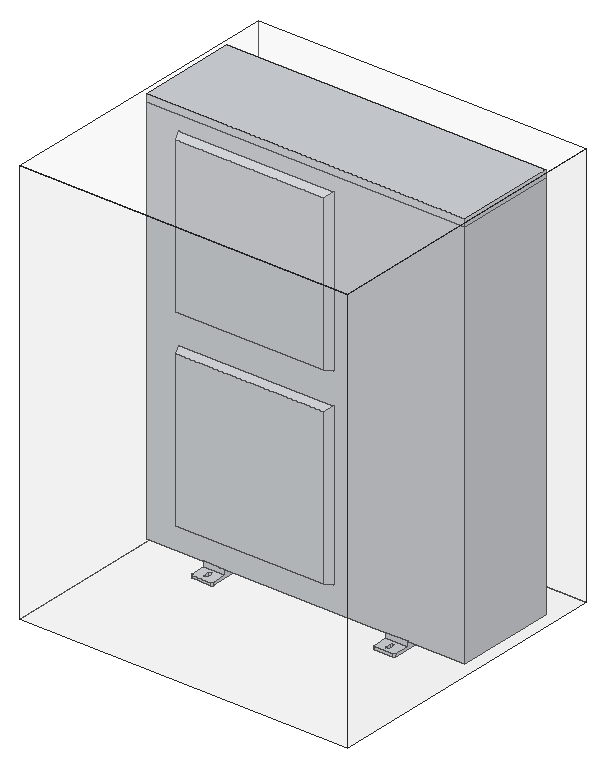
Revit family "puz-dhrmp80_140ka_60Hz", category 機械設備, Revit 2019
Family settings
  丸型コネクタ寸法 = 直径を使用
  パーツ タイプ = 標準
  OmniClass 番号 = 23.75.10.24.21.27.27
  OmniClass タイトル = Split System Air Conditioning Units
  作業面ベース = いいえ
  常に垂直 = はい
  ロード時にボイドで切り取り = いいえ
  共有 = いいえ
  部屋計算ポイント = いいえ
Parameters (values of type "PUZ-DHRMP140KA")
  音響パワーレベル（冷）(dB) = 68
  音響パワーレベル(dB) = 69
  電源種別 = ""
  電源位置Y = 2 mm
  電源位置Z = 1063 mm
  電源位置X = 325 mm
  電圧 = 200 V
  電動機出力_送風機 = 0.12 kW
  電動機出力_圧縮機 = 2.7 kW
  集中コントローラ [instance] = ""
  運転質量 = 0.00 kg
  運転方法 = "冷暖切替"
  質量 = if(製品質量 > 運転質量, 製品質量, 運転質量) * 1.2  # 138.00 kg
  負荷分類 = 1_熱源類
  説明 = "空冷H/P PAC インバータ室外機"
  設計暖房能力 [instance] = 0 kW
  設計冷房能力_顕熱 [instance] = 0 kW
  設計冷房能力 [instance] = 0 kW
  設置方法 = "床置形"
  記号 [instance] = ""
  製造元 = "三菱電機株式会社"
  製品質量 = 115.00 kg
  製品出荷対象 = "国内"
  製品リリース年月 = "2022/10/11"
  製品グループ = ""
  系統 [instance] = ""
  符号 = "PAC"
  積算_科目 = "1 空気調和設備"
  積算_拾い区分 [instance] = ""
  相 = 3
  盤記号 [instance] = ""
  発停方法 = "付属スイッチ"
  特殊仕様 [instance] = ""
  消費電力_暖房 = 3.82 kW
  消費電力_冷房 = 3.69 kW
  消費電力 = if(消費電力_冷房 > 消費電力_暖房, 消費電力_冷房, 消費電力_暖房)  # 3.82 kW
  法定耐用年数 = "6"
  構成品番 = "PUZ-DHRMP140KA"
  極数 = 3
  材質 [instance] = ""
  本体マテリアル = none
  最小電線太さ_mm2 = 1.6
  最大電流値 = 0 A
  暖房能力 = 14 kW
  推奨ブレーカー容量 = 40 A
  据付ピッチ1 = 0 mm
  形式 = "パッケージ形 室外機"
  形名 = PUZ-ZRMP-3 : PUZ-ZRMP112KA11
  幹線記号 [instance] = ""
  始動方式 = "インバータ始動方式"
  呼称 = "パッケージ形空気調和機_室外機"
  周波数 = 60 Hz
  価格 = 1171000
  ドレン　位置Z = 23 mm
  ドレン　位置Y = 176 mm
  ドレン　位置X = 45 mm
  アンカーボルト位置Y = 370 mm
  アンカーボルト位置X = 600 mm
  参照している仕様書等のバージョン = "公共建築物標準仕様書（機械設備工事編）平成31年度版"
  分類コード = "50053003126100"
  分類グループ = ""
  冷房能力 = 12.5 kW
  冷媒管（ガス）位置X = 483 mm
  冷媒管（液）位置X = 423 mm
  冷媒管（液）位置Y = 290 mm
  冷媒管（ガス）位置Y = 234 mm
  冷媒管長 [instance] = 0 mm
  冷媒管径符号 = "Bd"
  冷媒管径 = 100.00 mm
  冷媒管位置Z = 450 mm
  冷媒管位置Y = (冷媒管（液）位置Y + 冷媒管（ガス）位置Y) / 2  # 262 mm
  冷媒管位置X = (冷媒管（液）位置X + 冷媒管（ガス）位置X) / 2  # 453 mm
  冷媒液管径 = 9.52 mm
  冷媒ガス管径 = 15.88 mm
  企業コード = "108420"
  付属品 [instance] = ""
  仕様書バージョン = "Version1.0"
  ユニット数 = 1
  Model = ""
  ドレン管径 = 33.00 mm
  サービススペース = yes
  コメント [instance] = ""
  ケーブル種類1 = ""
  Width = 1050 mm
  Version = ""
  Uniclass2015Version = "Systems v1.9"
  Uniclass2015Title = "Split coil remote air cooled condensing units"
  Uniclass2015Code = "Pr_70_65_03_84"
  URL = "https://www.mitsubishielectric.co.jp/ldg/wink/ssl/displayProduct.do?pid=323623"
  SpecificationReference = ""
  SpecificationDescription = ""
  Revision = ""
  ProductInformation = ""
  OmniClassCode = "23-33 17 13 11"
  IfcTypeProduct = ""
  IfcProduct = ""
  IfcExportType = "AIRCONDITIONINGUNIT"
  IfcExportAs = "IfcUnitaryEquipmentType"
  Height = 1338 mm
  Depth = 330 mm
  Clearance Top = 0 mm
  Clearance Right = 15 mm
  Clearance Left = 15 mm
  Clearance Front = 500 mm
  Clearance Bottom = 0 mm
  Clearance Back = 150 mm
  COP = 0
  Author = "三菱電機株式会社"
  APF = 0
Reference planes
  plane 1 "中心(正面/背面)": y = 74
  plane 2: z = 0
  plane 3 "中心(左/右)": x = 830
  plane 4 "右": x = 1355
  plane 5 "左": x = 305
  plane 6 "背面": y = 239
  plane 7 "正面": y = -91
  plane 8 "上部": z = 1338
  plane 9 "Clearanse Top": z = 1338
  plane 10 "SS_back": y = 389
  plane 11 "SS_front": y = -591
  plane 12 "SS_left": x = 290
  plane 13 "SS_right": x = 1370
  plane 14: z = 0
  plane 15: y = -89
  plane 16: x = 1155
  plane 17: z = 1063
  plane 18: y = -87
  plane 19: y = -23
  plane 20: x = 1283
  plane 21: z = 450
  plane 22: z = 452
  plane 23: y = 63
  plane 24: x = 350
  plane 25: z = 25
  plane 26: z = 23
  plane 27: x = 530
  plane 28: x = 1130
  plane 29: y = 259
  plane 30: y = -111
Forms (mm)
  Extrusion 1, solid, detail levels fine
    sketch origin (0, -91, 0) x (1, 0, 0) y (0, 0, 1)
      loop
        circle (1155, 1063) r 13.5
    from -4 to -2
  Extrusion 2, solid, detail levels fine
    sketch origin (-1437.329, -1524, 54) x (-1, 0, 0) y (0, -1, 0)
      loop
        circle (-2720.329, -1501) r 50
    from 396 to 398
  Extrusion 3, solid, detail levels fine
    sketch origin (-1437.329, -1524, 54) x (-1, 0, 0) y (0, -1, 0)
      loop
        circle (-1787.329, -1587) r 16.5
    from -31 to -29
Lines and regions (mm)
  model lines, not visible
    curve 1: line (460, 178.667, 1289.179) -> (460, 297.73, 1289.179)
    curve 2: line (460, 178.667, 1056.056) -> (460, 178.667, 1289.179)
    curve 3: line (460, 297.73, 1056.056) -> (460, 178.667, 1056.056)
    curve 4: line (460, 297.73, 1289.179) -> (460, 297.73, 1056.056)
    curve 5: line (460, 47.598, 1289.179) -> (460, 166.661, 1289.179)
    curve 6: line (460, 47.598, 1056.056) -> (460, 47.598, 1289.179)
    curve 7: line (460, 166.661, 1056.056) -> (460, 47.598, 1056.056)
    curve 8: line (460, 166.661, 1289.179) -> (460, 166.661, 1056.056)
    curve 9: line (460, -83.471, 1289.179) -> (460, 35.592, 1289.179)
    curve 10: line (460, -83.471, 1056.056) -> (460, -83.471, 1289.179)
    curve 11: line (460, 35.592, 1056.056) -> (460, -83.471, 1056.056)
    curve 12: line (460, 35.592, 1289.179) -> (460, 35.592, 1056.056)
    curve 13: line (460, -150.779, 1289.179) -> (460, -95.75, 1289.179)
    curve 14: line (460, -150.779, 1056.056) -> (460, -150.779, 1289.179)
    curve 15: line (460, -95.75, 1056.056) -> (460, -150.779, 1056.056)
    curve 16: line (460, -95.75, 1289.179) -> (460, -95.75, 1056.056)
    curve 17: line (460, -150.779, 1283.175) -> (460, -132.596, 1283.175)
    curve 18: line (460, -150.779, 1062.059) -> (460, -150.779, 1283.175)
    curve 19: line (460, -132.596, 1062.059) -> (460, -150.779, 1062.059)
    curve 20: line (460, -132.596, 1283.175) -> (460, -132.596, 1062.059)
    curve 21: line (460, 178.667, 1046.051) -> (460, 297.73, 1046.051)
    curve 22: line (460, 178.667, 812.928) -> (460, 178.667, 1046.051)
    curve 23: line (460, 297.73, 812.928) -> (460, 178.667, 812.928)
    curve 24: line (460, 297.73, 1046.051) -> (460, 297.73, 812.928)
    curve 25: line (460, 47.598, 1046.051) -> (460, 166.661, 1046.051)
    curve 26: line (460, 47.598, 812.928) -> (460, 47.598, 1046.051)
    curve 27: line (460, 166.661, 812.928) -> (460, 47.598, 812.928)
    curve 28: line (460, 166.661, 1046.051) -> (460, 166.661, 812.928)
    curve 29: line (460, -83.471, 1046.051) -> (460, 35.592, 1046.051)
    curve 30: line (460, -83.471, 812.928) -> (460, -83.471, 1046.051)
    curve 31: line (460, 35.592, 812.928) -> (460, -83.471, 812.928)
    curve 32: line (460, 35.592, 1046.051) -> (460, 35.592, 812.928)
    curve 33: line (460, -150.779, 1046.051) -> (460, -95.75, 1046.051)
    curve 34: line (460, -150.779, 812.928) -> (460, -150.779, 1046.051)
    curve 35: line (460, -95.75, 812.928) -> (460, -150.779, 812.928)
    curve 36: line (460, -95.75, 1046.051) -> (460, -95.75, 812.928)
    curve 37: line (460, -150.779, 1040.048) -> (460, -132.596, 1040.048)
    curve 38: line (460, -150.779, 818.931) -> (460, -150.779, 1040.048)
    curve 39: line (460, -132.596, 818.931) -> (460, -150.779, 818.931)
    curve 40: line (460, -132.596, 1040.048) -> (460, -132.596, 818.931)
    curve 41: line (460, 178.667, 802.923) -> (460, 297.73, 802.923)
    curve 42: line (460, 178.667, 569.8) -> (460, 178.667, 802.923)
    curve 43: line (460, 297.73, 569.8) -> (460, 178.667, 569.8)
    curve 44: line (460, 297.73, 802.923) -> (460, 297.73, 569.8)
    curve 45: line (460, 47.598, 802.923) -> (460, 166.661, 802.923)
    curve 46: line (460, 47.598, 569.8) -> (460, 47.598, 802.923)
    curve 47: line (460, 166.661, 569.8) -> (460, 47.598, 569.8)
    curve 48: line (460, 166.661, 802.923) -> (460, 166.661, 569.8)
    curve 49: line (460, -83.471, 802.923) -> (460, 35.592, 802.923)
    curve 50: line (460, -83.471, 569.8) -> (460, -83.471, 802.923)
    curve 51: line (460, 35.592, 569.8) -> (460, -83.471, 569.8)
    curve 52: line (460, 35.592, 802.923) -> (460, 35.592, 569.8)
    curve 53: line (460, -150.779, 802.923) -> (460, -95.75, 802.923)
    curve 54: line (460, -150.779, 569.8) -> (460, -150.779, 802.923)
    curve 55: line (460, -95.75, 569.8) -> (460, -150.779, 569.8)
    curve 56: line (460, -95.75, 802.923) -> (460, -95.75, 569.8)
    curve 57: line (460, -150.779, 796.92) -> (460, -132.596, 796.92)
    curve 58: line (460, -150.779, 575.803) -> (460, -150.779, 796.92)
    curve 59: line (460, -132.596, 575.803) -> (460, -150.779, 575.803)
    curve 60: line (460, -132.596, 796.92) -> (460, -132.596, 575.803)
    curve 61: line (460, 178.667, 559.795) -> (460, 297.73, 559.795)
    curve 62: line (460, 178.667, 326.672) -> (460, 178.667, 559.795)
    curve 63: line (460, 297.73, 326.672) -> (460, 178.667, 326.672)
    curve 64: line (460, 297.73, 559.795) -> (460, 297.73, 326.672)
    curve 65: line (460, 47.598, 559.795) -> (460, 166.661, 559.795)
    curve 66: line (460, 47.598, 326.672) -> (460, 47.598, 559.795)
    curve 67: line (460, 166.661, 326.672) -> (460, 47.598, 326.672)
    curve 68: line (460, 166.661, 559.795) -> (460, 166.661, 326.672)
    curve 69: line (460, -83.471, 559.795) -> (460, 35.592, 559.795)
    curve 70: line (460, -83.471, 326.672) -> (460, -83.471, 559.795)
    curve 71: line (460, 35.592, 326.672) -> (460, -83.471, 326.672)
    curve 72: line (460, 35.592, 559.795) -> (460, 35.592, 326.672)
    curve 73: line (460, -150.779, 559.795) -> (460, -95.75, 559.795)
    curve 74: line (460, -150.779, 326.672) -> (460, -150.779, 559.795)
    curve 75: line (460, -95.75, 326.672) -> (460, -150.779, 326.672)
    curve 76: line (460, -95.75, 559.795) -> (460, -95.75, 326.672)
    curve 77: line (460, -150.779, 553.792) -> (460, -132.596, 553.792)
    curve 78: line (460, -150.779, 332.675) -> (460, -150.779, 553.792)
    curve 79: line (460, -132.596, 332.675) -> (460, -150.779, 332.675)
    curve 80: line (460, -132.596, 553.792) -> (460, -132.596, 332.675)
    curve 81: line (460, 178.667, 316.667) -> (460, 297.73, 316.667)
    curve 82: line (460, 178.667, 83.544) -> (460, 178.667, 316.667)
    curve 83: line (460, 297.73, 83.544) -> (460, 178.667, 83.544)
    curve 84: line (460, 297.73, 316.667) -> (460, 297.73, 83.544)
    curve 85: line (460, 47.598, 316.667) -> (460, 166.661, 316.667)
    curve 86: line (460, 47.598, 83.544) -> (460, 47.598, 316.667)
    curve 87: line (460, 166.661, 83.544) -> (460, 47.598, 83.544)
    curve 88: line (460, 166.661, 316.667) -> (460, 166.661, 83.544)
    curve 89: line (460, -83.471, 316.667) -> (460, 35.592, 316.667)
    curve 90: line (460, -83.471, 83.544) -> (460, -83.471, 316.667)
    curve 91: line (460, 35.592, 83.544) -> (460, -83.471, 83.544)
    curve 92: line (460, 35.592, 316.667) -> (460, 35.592, 83.544)
    curve 93: line (460, -150.779, 316.667) -> (460, -95.75, 316.667)
    curve 94: line (460, -150.779, 83.544) -> (460, -150.779, 316.667)
    curve 95: line (460, -95.75, 83.544) -> (460, -150.779, 83.544)
    curve 96: line (460, -95.75, 316.667) -> (460, -95.75, 83.544)
    curve 97: line (460, -150.779, 310.664) -> (460, -132.596, 310.664)
    curve 98: line (460, -150.779, 89.547) -> (460, -150.779, 310.664)
    curve 99: line (460, -132.596, 89.547) -> (460, -150.779, 89.547)
    curve 100: line (460, -132.596, 310.664) -> (460, -132.596, 89.547)
Dimensions and locks
  equal spacing: plane 7 "正面", plane 1 "中心(正面/背面)", plane 6 "背面"
  "Depth": plane 7 "正面" to plane 6 "背面"
  "Width": plane 5 "左" to plane 4 "右"
  equal spacing: plane 5 "左", plane 3 "中心(左/右)", plane 4 "右"
  "Clearance Left": plane 12 "SS_left" to plane 5 "左"
  "Clearance Right": plane 4 "右" to plane 13 "SS_right"
  "Clearance Back": plane 6 "背面" to plane 10 "SS_back"
  "Clearance Front": plane 11 "SS_front" to plane 7 "正面"
  "Height": plane 8 "上部" to level
  "Clearance Top": plane 9 "Clearanse Top" to plane 8 "上部"
  "Clearance Bottom": level to plane 14
  "電源位置X": plane 3 "中心(左/右)" to plane 16
  "電源位置Y": plane 7 "正面" to plane 15
  "電源位置Z": plane 17 to level
  locked: plane 15 to plane 18 at 2
  "冷媒管位置X": plane 3 "中心(左/右)" to plane 20
  "冷媒管位置Y": plane 19 to plane 6 "背面"
  "冷媒管位置Z": plane 21 to level
  locked: plane 22 to plane 21 at 2
  "ドレン　位置X": plane 5 "左" to plane 24
  "ドレン　位置Y": plane 23 to plane 6 "背面"
  locked: plane 25 to plane 26 at 2
  "ドレン　位置Z": plane 26 to level
  equal spacing: plane 30, plane 1 "中心(正面/背面)", plane 29
  "アンカーボルト位置Y": plane 30 to plane 29
  equal spacing: plane 27, plane 3 "中心(左/右)", plane 28
  "アンカーボルト位置X": plane 27 to plane 28
  radius of Extrusion 1 sketch curve = 13.5 mm
  "冷媒管径": diameter of Extrusion 2 sketch curve
  "ドレン管径": diameter of Extrusion 3 sketch curve
  aligned and locked: level to plane 2
  aligned and locked: plane 10 "SS_back" to nested 1  (x2)
  aligned and locked: plane 13 "SS_right" to nested 1
  aligned and locked: plane 12 "SS_left" to nested 1  (x2)
  aligned and locked: nested 1 to plane 13 "SS_right"
  aligned and locked: plane 11 "SS_front" to nested 1
  aligned and locked: plane 9 "Clearanse Top" to nested 1
  aligned and locked: plane 1 "中心(正面/背面)" to nested 2
  aligned and locked: plane 3 "中心(左/右)" to nested 2
  aligned and locked: plane 14 to nested 1
  aligned and locked: plane 17 to Extrusion 1 sketch curve
  aligned and locked: plane 16 to Extrusion 1 sketch curve
  aligned and locked: Extrusion 1 to plane 18
  aligned and locked: plane 15 to Extrusion 1
  aligned and locked: plane 19 to Extrusion 2 sketch curve
  aligned and locked: plane 20 to Extrusion 2 sketch curve
  aligned and locked: plane 22 to Extrusion 2
  aligned and locked: Extrusion 2 to plane 21
  aligned and locked: plane 24 to Extrusion 3 sketch curve
  aligned and locked: plane 23 to Extrusion 3 sketch curve
  aligned and locked: plane 25 to Extrusion 3
  aligned and locked: Extrusion 3 to plane 26
  aligned and locked: plane 27 to nested 3
  aligned and locked: plane 29 to nested 3
Nested families
  nested 1: "サービススペース" at (830, -101, 669), visible <- "サービススペース", type "サービススペース"
    with Width 1080 mm, Height 1338 mm, Depth 980 mm
  nested 2: "PUZ-ZRMP-3" at (830, 74, 0), type <- "形名", type "PUZ-ZRMP112KA11"
  nested 3: "固定点" at (530, -111, 0), type "固定点"
    with W 600 mm, D 370 mm
Connectors
  piping at (1283, -23, 450), diameter 100, driven by "冷媒管径", driven by "冷媒管径符号"
    settings: on Extrusion 2, index 1, connector inside diameter 609.60 mm, connector length 0 mm, flow factor 0, pipe flow 0.0 L/s, pressure drop 0.0 Pa, fitting loss kfactor 0, connector angle 0.00°, fixture units 0, engagement length 0 mm, angle of deflection 0.00°, flow configuration 1, flow direction 2, fitting loss method 4, system type 7, joint type 0, gender type 0, connector reference index -1, connector utility 0, adjustable connector no, is connector primary yes, connector description "Bd"
  electrical at (1155, -89, 1063), driven by "極数", driven by "負荷分類", driven by "電圧", driven by "消費電力"
    settings: on Extrusion 1, index 2, voltage 200 V, apparent load 3820 VA, apparent load phase1 0 VA, apparent load phase2 0 VA, apparent load phase3 0 VA, power factor 1, load classification "1_熱源類", number of poles 3, system type 30, power factor state 1, is connector primary yes, connector utility no, sub classification motor no, connector description ""
Definition of nested family "サービススペース"
  Parameters (values of type "サービススペース")
    Width [instance] = 500 mm
    Height [instance] = 500 mm
    Depth [instance] = 500 mm
  Reference planes
    plane 1 "中心(正面/背面)": y = 0
    plane 2: z = 0
    plane 3 "中心(左/右)": x = 0
    plane 4: y = -250
    plane 5: x = 250
    plane 6: y = 250
    plane 7: x = -250
    plane 8: z = 250
    plane 9: z = -250
  Forms (mm)
    Extrusion 1, solid
      sketch origin (-638.939, 0, 72.39) x (1, 0, 0) y (0, 1, 0)
        loop
          line (388.939, 250) -> (388.939, -250) -> (888.939, -250) -> (888.939, 250) -> (388.939, 250)
      from -322.39 to 177.61
  Lines and regions (mm)
    symbolic lines
      curve 1: line (-250, 0, 250) -> (250, 0, 250)
      curve 2: line (-250, 0, -250) -> (-250, 0, 250)
      curve 3: line (250, 0, -250) -> (-250, 0, -250)
      curve 4: line (250, 0, 250) -> (250, 0, -250)
      curve 5: line (0, -250, 250) -> (0, 250, 250)
      curve 6: line (0, -250, -250) -> (0, -250, 250)
      curve 7: line (0, 250, -250) -> (0, -250, -250)
      curve 8: line (0, 250, 250) -> (0, 250, -250)
      curve 9: line (-250, 250, 0) -> (250, 250, 0)
      curve 10: line (-250, -250, 0) -> (-250, 250, 0)
      curve 11: line (250, -250, 0) -> (-250, -250, 0)
      curve 12: line (250, 250, 0) -> (250, -250, 0)
  Dimensions and locks
    equal spacing: plane 7, plane 3 "中心(左/右)", plane 5
    equal spacing: plane 4, plane 1 "中心(正面/背面)", plane 6
    "Depth": plane 4 to plane 6
    "Width": plane 7 to plane 5
    equal spacing: plane 8, plane 2, plane 9
    "Height": plane 8 to plane 9
    aligned and locked: plane 9 to curve 3
    aligned and locked: plane 7 to curve 2
    aligned and locked: curve 4 to plane 5
    aligned and locked: plane 5 to Extrusion 1
    aligned and locked: Extrusion 1 to plane 7
    aligned and locked: Extrusion 1 to plane 9
    aligned and locked: plane 8 to Extrusion 1
    aligned and locked: plane 9 to curve 7
  Automatic sketch dimensions
    plane 4 to Extrusion 1 sketch curve = 0 mm
    Extrusion 1 sketch curve to plane 7 = 0 mm
    Extrusion 1 sketch curve to plane 5 = 0 mm
    plane 6 to Extrusion 1 sketch curve = 0 mm
    curve 2 to plane 8 = 0 mm
    plane 4 to curve 11 = 0 mm
    curve 11 to plane 7 = 0 mm
    curve 11 to plane 5 = 0 mm
    plane 6 to curve 10 = 0 mm
    curve 7 to plane 4 = 0 mm
    curve 7 to plane 6 = 0 mm
    curve 6 to plane 8 = 0 mm
Definition of nested family "PUZ-ZRMP-3"
  Parameters (values of type "PUZ-ZRMP112KA11")
    配線取出口サイズ = 27 mm
    配線取出口-Z = 1063 mm
    配線取出口-Y = 325 mm
    配線取出口-X = 325 mm
    液配管サイズ = 100 mm
    高さ = 1338 mm
    換気-W = 362 mm
    換気-H2 = 632 mm
    換気-H1 = 369 mm
    換気-D = 25 mm
    奥行き = 330 mm
    吊りボルト_H = 0 mm
    吊りボルト-φ = 12 mm
    冷媒配管サイズ = 9.52 mm
    冷媒液管径-Z = 450 mm
    冷媒液管径-Y = 290 mm
    冷媒液管径-X = 423 mm
    冷媒ガス管径-Z = 421 mm
    冷媒ガス管径-Y = 234 mm
    冷媒ガス管径-X = 483 mm
    吊りボルト-W = 600 mm
    マテリアル = none
    ドレン配管サイズ = 33 mm
    ドレン管径-Z = 0 mm
    ドレン管径-Y = 154 mm
    ドレン管径-X = 480 mm
    タイプ3 = yes
    タイプ2 = no
    タイプ1 = no
    ガス配管サイズ = 15.88 mm
    吊りボルト-D = 370 mm
    幅さ = 1050 mm
    a = 幅さ / 2  # 525 mm
  Reference planes
    plane 1 "中心(正面/背面)": y = 0
    plane 2: z = 0
    plane 3 "中心(左/右)": x = 0
    plane 4: z = 1338
    plane 5: x = -525
    plane 6: x = 525
    plane 7: y = 165
    plane 8: y = -165
    plane 9: x = 587
    plane 10: y = -105
    plane 11: y = 5
    plane 12: z = 1313
    plane 13: x = -545
    plane 14: x = -300
    plane 15: x = 300
    plane 16: y = 185
    plane 17: y = -185
    plane 18: x = 335
    plane 19: x = 265
    plane 20: x = -265
    plane 21: x = -335
    plane 22: y = 204
    plane 23: y = -218
    plane 24: z = 8.5
    plane 25: z = 25
    plane 26: z = 23
    plane 27: z = 1333
    plane 28: y = -40
    plane 29: y = 40
    plane 30: y = -30
    plane 31: y = 30
    plane 32: z = 1318
    plane 33: z = 55
    plane 34: z = 225
    plane 35: z = 570
    plane 36: x = 535
    plane 37: x = 556
    plane 38: y = -190
    plane 39: x = -163
    plane 40: z = 369
    plane 41: x = 91
    plane 42: x = -417
    plane 43: z = 633
    plane 44: z = 105
    plane 45: x = -407
    plane 46: x = 81
    plane 47: z = 623
    plane 48: z = 115
    plane 49: y = 115
    plane 50: y = -115
    plane 51: x = -480
    plane 52: y = -11
    plane 53: x = 483
    plane 54: x = 325
    plane 55: y = -160
    plane 56: y = -125
    plane 57: y = -69
    plane 58: x = 423
    plane 59: z = 421
    plane 60: z = 450
    plane 61: z = 1063
    plane 62: y = -110
    plane 63: z = 550
    plane 64: z = 550
    plane 65: x = 453
    plane 66: y = -97
    plane 67 "グループ": x = -525
    plane 68: z = 1338
    plane 69: z = 943
    plane 70: z = 1001
    plane 71: z = 1265
    plane 72: z = 737
    plane 73: z = 1255
    plane 74: z = 747
    plane 75: y = 125
    plane 76: x = -370
    plane 77: x = -210
    plane 78: x = -50
    plane 79: x = 110
  Forms (mm)
    Extrusion 1, solid, visible <- "タイプ3", detail levels fine
      sketch origin (-1437.329, -1524, 1338) x (-1, 0, 0) y (0, -1, 0)
        loop
          line (-1102.329, -1689) -> (-1102.329, -1359) -> (-1172.329, -1359) -> (-1172.329, -1689) -> (-1102.329, -1689)
        loop
          line (-1702.329, -1689) -> (-1702.329, -1359) -> (-1772.329, -1359) -> (-1772.329, -1689) -> (-1702.329, -1689)
      from -1338 to -1313
    Extrusion 2, solid, material <- "マテリアル", visible <- "タイプ3", detail levels fine
      sketch origin (-1437.329, -1524, 1338) x (-1, 0, 0) y (0, -1, 0)
        loop
          line (-1962.329, -1689) -> (-912.329, -1689) -> (-912.329, -1359) -> (-1962.329, -1359) -> (-1962.329, -1689)
      from -1313 to -25
    Extrusion 3, solid, material <- "マテリアル", visible <- "タイプ3", detail levels fine
      sketch origin (-1437.329, -1524, 1338) x (-1, 0, 0) y (0, -1, 0)
        loop
          line (-912.329, -1689) -> (-912.329, -1359) -> (-1962.329, -1359) -> (-1962.329, -1689) -> (-912.329, -1689)
      from -25 to 0
    Blend 4, solid, material <- "マテリアル", visible <- "タイプ3", detail levels fine
      base sketch origin (0, 0, 0) x (1, 0, 0) y (0, 0, 1)
        loop
          line (-417, 633) -> (-417, 105) -> (91, 105) -> (91, 633) -> (-417, 633)
      top sketch origin (0, 0, 0) x (1, 0, 0) y (0, 0, 1)
        loop
          line (-407, 623) -> (-407, 115) -> (81, 115) -> (81, 623) -> (-407, 623)
      from 165 to 190
    Extrusion 5, solid, material <- "マテリアル", visible <- "タイプ3", detail levels fine
      sketch origin (-1437.329, -1524, 1338) x (-1, 0, 0) y (0, -1, 0)
        loop
          circle (-1920.329, -1455) r 7.94
      from -917 to -788
    Extrusion 6, solid, material <- "マテリアル", visible <- "タイプ3", detail levels fine
      sketch origin (-1437.329, -1524, 1338) x (-1, 0, 0) y (0, -1, 0)
        loop
          circle (-1860.329, -1399) r 4.76
      from -888 to -788
    Extrusion 7, solid, material <- "マテリアル", visible <- "タイプ3", detail levels fine
      sketch origin (1480.036, -190, 1200) x (1, 0, 0) y (0, 0, 1)
        loop
          circle (-1155.036, -137) r 13.5
      from -80 to -30
    Extrusion 8, solid, material <- "マテリアル", visible <- "タイプ3", detail levels fine
      sketch origin (-1437.329, -1524, 1338) x (-1, 0, 0) y (0, -1, 0)
        loop
          circle (-1890.329, -1427) r 50
      from -888 to -788
    Blend 9, solid, material <- "マテリアル", visible <- "タイプ3", detail levels fine
      base sketch origin (1480.036, -190, 1200) x (1, 0, 0) y (0, 0, 1)
        loop
          line (-1897.036, 65) -> (-1897.036, -463) -> (-1389.036, -463) -> (-1389.036, 65) -> (-1897.036, 65)
      top sketch origin (1480.036, -190, 1200) x (1, 0, 0) y (0, 0, 1)
        loop
          line (-1887.036, 55) -> (-1887.036, -453) -> (-1399.036, -453) -> (-1399.036, 55) -> (-1887.036, 55)
      from -25 to 0
    Extrusion 10, solid, visible <- "タイプ3", detail levels fine
      sketch origin (-1437.329, -1524, 1338) x (-1, 0, 0) y (0, -1, 0)
        loop
          line (-1102.329, -1728) -> (-1102.329, -1689) -> (-1172.329, -1689) -> (-1172.329, -1728) -> (-1143.329, -1728) -> (-1143.329, -1709)
          arc (-1143.329, -1709) -> (-1137.329, -1703) -> (-1131.329, -1709) r 6
          line (-1131.329, -1709) -> (-1131.329, -1728) -> (-1102.329, -1728)
        loop
          line (-1102.329, -1359) -> (-1102.329, -1311)
          arc (-1102.329, -1311) -> (-1103.794, -1307.464) -> (-1107.329, -1306) r 5
          line (-1107.329, -1306) -> (-1167.329, -1306)
          arc (-1167.329, -1306) -> (-1170.865, -1307.464) -> (-1172.329, -1311) r 5
          line (-1172.329, -1311) -> (-1172.329, -1359) -> (-1102.329, -1359)
        loop
          arc (-1143.329, -1339) -> (-1137.329, -1345) -> (-1131.329, -1339) r 6
          line (-1131.329, -1339) -> (-1131.329, -1324)
          arc (-1131.329, -1324) -> (-1137.329, -1318) -> (-1143.329, -1324) r 6
          line (-1143.329, -1324) -> (-1143.329, -1339)
        loop
          line (-1772.329, -1728) -> (-1743.329, -1728) -> (-1743.329, -1709)
          arc (-1743.329, -1709) -> (-1737.329, -1703) -> (-1731.329, -1709) r 6
          line (-1731.329, -1709) -> (-1731.329, -1728) -> (-1702.329, -1728) -> (-1702.329, -1689) -> (-1772.329, -1689) -> (-1772.329, -1728)
        loop
          line (-1772.329, -1359) -> (-1702.329, -1359) -> (-1702.329, -1311)
          arc (-1702.329, -1311) -> (-1703.794, -1307.464) -> (-1707.329, -1306) r 5
          line (-1707.329, -1306) -> (-1767.329, -1306)
          arc (-1767.329, -1306) -> (-1770.865, -1307.464) -> (-1772.329, -1311) r 5
          line (-1772.329, -1311) -> (-1772.329, -1359)
        loop
          line (-1731.329, -1339) -> (-1731.329, -1324)
          arc (-1731.329, -1324) -> (-1737.329, -1318) -> (-1743.329, -1324) r 6
          line (-1743.329, -1324) -> (-1743.329, -1339)
          arc (-1743.329, -1339) -> (-1737.329, -1345) -> (-1731.329, -1339) r 6
      from -1338 to -1329.5
    Extrusion 11, solid, material <- "マテリアル", visible <- "タイプ3", detail levels fine
      sketch origin (-1437.329, -1524, 1338) x (-1, 0, 0) y (0, -1, 0)
        loop
          circle (-957.329, -1513) r 16.5
        loop
          circle (-1067.329, -1649) r 16.5
        loop
          circle (-1227.329, -1649) r 16.5
        loop
          circle (-1387.329, -1649) r 16.5
        loop
          circle (-1547.329, -1649) r 16.5
      from -1315 to -1313
  Cuts and joins
    joined: Extrusion 1, Extrusion 10
  Lines and regions (mm)
    Masking region 1, visible <- "タイプ3", detail levels coarse+medium
      outline origin (-1437.329, -1524, 1338) x (-1, 0, 0) y (0, -1, 0)
        loop
          line (-1962.329, -1689) -> (-1772.329, -1689) -> (-1772.329, -1728) -> (-1702.329, -1728) -> (-1702.329, -1689) -> (-1172.329, -1689) -> (-1172.329, -1728) -> (-1102.329, -1728) -> (-1102.329, -1689) -> (-912.329, -1689) -> (-912.329, -1359) -> (-1020.329, -1359) -> (-1030.329, -1334) -> (-1102.329, -1334) -> (-1102.329, -1306) -> (-1172.329, -1306) -> (-1172.329, -1334) -> (-1518.329, -1334) -> (-1528.329, -1359) -> (-1702.329, -1359) -> (-1702.329, -1306) -> (-1772.329, -1306) -> (-1772.329, -1359) -> (-1962.329, -1359) -> (-1962.329, -1689)
    model lines, visible <- "タイプ3", detail levels fine
      curve 1: line (447, 115, 1338) -> (-445, 115, 1338)
      curve 2: line (-445, -115, 1338) -> (447, -115, 1338)
      curve 3: line (-445, -45, 1338) -> (447, -45, 1338)
      curve 4: line (447, 45, 1338) -> (-445, 45, 1338)
      curve 5: line (-445, -35, 1338) -> (447, -35, 1338)
      curve 6: line (447, 35, 1338) -> (-445, 35, 1338)
      curve 7: line (-445, 115, 1338) -> (-445, 45, 1338)
      curve 8: line (447, -115, 1338) -> (447, -45, 1338)
      curve 9: line (-445, 35, 1338) -> (-445, -35, 1338)
      curve 10: line (-445, -45, 1338) -> (-445, -115, 1338)
      curve 11: line (447, -35, 1338) -> (447, 35, 1338)
      curve 12: line (447, 45, 1338) -> (447, 115, 1338)
      curve 13: line (479, -115, 1338) -> (479, 115, 1338)
      curve 14: line (462, -115, 1338) -> (462, 115, 1338)
      curve 15: line (-475, 115, 1338) -> (-475, -115, 1338)
      curve 16: line (-460, 115, 1338) -> (-460, -115, 1338)
      curve 17: line (-460, 115, 1338) -> (-475, 115, 1338)
      curve 18: line (-460, -115, 1338) -> (-475, -115, 1338)
      curve 19: line (462, 115, 1338) -> (479, 115, 1338)
      curve 20: line (462, -115, 1338) -> (479, -115, 1338)
      curve 21: line (-407, -190, 416.5) -> (81, -190, 416.5)
      curve 22: line (81, -190, 321.5) -> (-407, -190, 321.5)
      curve 23: line (-407, -190, 511.5) -> (81, -190, 511.5)
      curve 24: line (-407, -190, 606.5) -> (81, -190, 606.5)
      curve 25: line (81, -190, 226.5) -> (-407, -190, 226.5)
      curve 26: line (81, -190, 131.5) -> (-407, -190, 131.5)
      curve 27: line (-389.571, -190, 623) -> (-389.571, -190, 115)
      curve 28: line (63.571, -190, 115) -> (63.571, -190, 623)
      curve 29: line (-372.143, -190, 623) -> (-372.143, -190, 115)
      curve 30: line (-354.714, -190, 623) -> (-354.714, -190, 115)
      curve 31: line (-337.286, -190, 623) -> (-337.286, -190, 115)
      curve 32: line (-319.857, -190, 623) -> (-319.857, -190, 115)
      curve 33: line (-302.429, -190, 623) -> (-302.429, -190, 115)
      curve 34: line (-285, -190, 623) -> (-285, -190, 115)
      curve 35: line (-267.571, -190, 623) -> (-267.571, -190, 115)
      curve 36: line (-250.143, -190, 623) -> (-250.143, -190, 115)
      curve 37: line (-232.714, -190, 623) -> (-232.714, -190, 115)
      curve 38: line (-215.286, -190, 623) -> (-215.286, -190, 115)
      curve 39: line (-197.857, -190, 623) -> (-197.857, -190, 115)
      curve 40: line (-180.429, -190, 623) -> (-180.429, -190, 115)
      curve 41: line (-163, -190, 623) -> (-163, -190, 115)
      curve 42: line (-145.571, -190, 623) -> (-145.571, -190, 115)
      curve 43: line (-128.143, -190, 623) -> (-128.143, -190, 115)
      curve 44: line (-110.714, -190, 623) -> (-110.714, -190, 115)
      curve 45: line (-93.286, -190, 623) -> (-93.286, -190, 115)
      curve 46: line (-75.857, -190, 623) -> (-75.857, -190, 115)
      curve 47: line (-58.429, -190, 623) -> (-58.429, -190, 115)
      curve 48: line (-41, -190, 623) -> (-41, -190, 115)
      curve 49: line (-23.571, -190, 623) -> (-23.571, -190, 115)
      curve 50: line (-6.143, -190, 623) -> (-6.143, -190, 115)
      curve 51: line (11.286, -190, 623) -> (11.286, -190, 115)
      curve 52: line (28.714, -190, 623) -> (28.714, -190, 115)
      curve 53: line (46.143, -190, 623) -> (46.143, -190, 115)
      curve 54: line (-525, -100, 87) -> (-525, -60, 87)
      curve 55: line (-525, -100, 277) -> (-525, -100, 87)
      curve 56: line (-525, -60, 277) -> (-525, -100, 277)
      curve 57: line (-525, -60, 87) -> (-525, -60, 277)
      curve 58: line (-525, -100, 292) -> (-525, -60, 292)
      curve 59: line (-525, -100, 482) -> (-525, -100, 292)
      curve 60: line (-525, -60, 482) -> (-525, -100, 482)
      curve 61: line (-525, -60, 292) -> (-525, -60, 482)
      curve 62: line (-525, -100, 497) -> (-525, -60, 497)
      curve 63: line (-525, -100, 687) -> (-525, -100, 497)
      curve 64: line (-525, -60, 687) -> (-525, -100, 687)
      curve 65: line (-525, -60, 497) -> (-525, -60, 687)
      curve 66: line (-525, -100, 702) -> (-525, -60, 702)
      curve 67: line (-525, -100, 892) -> (-525, -100, 702)
      curve 68: line (-525, -60, 892) -> (-525, -100, 892)
      curve 69: line (-525, -60, 702) -> (-525, -60, 892)
      curve 70: line (-525, 60, 87) -> (-525, 100, 87)
      curve 71: line (-525, 60, 277) -> (-525, 60, 87)
      curve 72: line (-525, 100, 277) -> (-525, 60, 277)
      curve 73: line (-525, 100, 87) -> (-525, 100, 277)
      curve 74: line (-525, -46.667, 87) -> (-525, -6.667, 87)
      curve 75: line (-525, -46.667, 277) -> (-525, -46.667, 87)
      curve 76: line (-525, -6.667, 277) -> (-525, -46.667, 277)
      curve 77: line (-525, -6.667, 87) -> (-525, -6.667, 277)
      curve 78: line (-525, 6.667, 87) -> (-525, 46.667, 87)
      curve 79: line (-525, 6.667, 277) -> (-525, 6.667, 87)
      curve 80: line (-525, 46.667, 277) -> (-525, 6.667, 277)
      curve 81: line (-525, 46.667, 87) -> (-525, 46.667, 277)
      curve 82: line (-525, 60, 292) -> (-525, 100, 292)
      curve 83: line (-525, 60, 482) -> (-525, 60, 292)
      curve 84: line (-525, 100, 482) -> (-525, 60, 482)
      curve 85: line (-525, 100, 292) -> (-525, 100, 482)
      curve 86: line (-525, 60, 702) -> (-525, 100, 702)
      curve 87: line (-525, 60, 892) -> (-525, 60, 702)
      curve 88: line (-525, 100, 892) -> (-525, 60, 892)
      curve 89: line (-525, 100, 702) -> (-525, 100, 892)
      curve 90: line (-525, -46.667, 292) -> (-525, -6.667, 292)
      curve 91: line (-525, -46.667, 482) -> (-525, -46.667, 292)
      curve 92: line (-525, -6.667, 482) -> (-525, -46.667, 482)
      curve 93: line (-525, -6.667, 292) -> (-525, -6.667, 482)
      curve 94: line (-525, -46.667, 497) -> (-525, -6.667, 497)
      curve 95: line (-525, -46.667, 687) -> (-525, -46.667, 497)
      curve 96: line (-525, -6.667, 687) -> (-525, -46.667, 687)
      curve 97: line (-525, -6.667, 497) -> (-525, -6.667, 687)
      curve 98: line (-525, -46.667, 702) -> (-525, -6.667, 702)
      curve 99: line (-525, -46.667, 892) -> (-525, -46.667, 702)
      curve 100: line (-525, -6.667, 892) -> (-525, -46.667, 892)
      curve 101: line (-525, -6.667, 702) -> (-525, -6.667, 892)
      curve 102: line (-525, 6.667, 292) -> (-525, 46.667, 292)
      curve 103: line (-525, 6.667, 482) -> (-525, 6.667, 292)
      curve 104: line (-525, 46.667, 482) -> (-525, 6.667, 482)
      curve 105: line (-525, 46.667, 292) -> (-525, 46.667, 482)
      curve 106: line (-525, 6.667, 497) -> (-525, 46.667, 497)
      curve 107: line (-525, 6.667, 687) -> (-525, 6.667, 497)
      curve 108: line (-525, 46.667, 687) -> (-525, 6.667, 687)
      curve 109: line (-525, 46.667, 497) -> (-525, 46.667, 687)
      curve 110: line (-525, 6.667, 702) -> (-525, 46.667, 702)
      curve 111: line (-525, 6.667, 892) -> (-525, 6.667, 702)
      curve 112: line (-525, 46.667, 892) -> (-525, 6.667, 892)
      curve 113: line (-525, 46.667, 702) -> (-525, 46.667, 892)
      curve 114: line (-525, -100, 907) -> (-525, -60, 907)
      curve 115: line (-525, -100, 1097) -> (-525, -100, 907)
      curve 116: line (-525, -60, 1097) -> (-525, -100, 1097)
      curve 117: line (-525, -60, 907) -> (-525, -60, 1097)
      curve 118: line (-525, 60, 907) -> (-525, 100, 907)
      curve 119: line (-525, 60, 1097) -> (-525, 60, 907)
      curve 120: line (-525, 100, 1097) -> (-525, 60, 1097)
      curve 121: line (-525, 100, 907) -> (-525, 100, 1097)
      curve 122: line (-525, -46.667, 907) -> (-525, -6.667, 907)
      curve 123: line (-525, -46.667, 1097) -> (-525, -46.667, 907)
      curve 124: line (-525, -6.667, 1097) -> (-525, -46.667, 1097)
      curve 125: line (-525, -6.667, 907) -> (-525, -6.667, 1097)
      curve 126: line (-525, 6.667, 907) -> (-525, 46.667, 907)
      curve 127: line (-525, 6.667, 1097) -> (-525, 6.667, 907)
      curve 128: line (-525, 46.667, 1097) -> (-525, 6.667, 1097)
      curve 129: line (-525, 46.667, 907) -> (-525, 46.667, 1097)
      curve 130: line (-525, -100, 1112) -> (-525, -60, 1112)
      curve 131: line (-525, -100, 1302) -> (-525, -100, 1112)
      curve 132: line (-525, -60, 1302) -> (-525, -100, 1302)
      curve 133: line (-525, -60, 1112) -> (-525, -60, 1302)
      curve 134: line (-525, 60, 1112) -> (-525, 100, 1112)
      curve 135: line (-525, 60, 1302) -> (-525, 60, 1112)
      curve 136: line (-525, 100, 1302) -> (-525, 60, 1302)
      curve 137: line (-525, 100, 1112) -> (-525, 100, 1302)
      curve 138: line (-525, -46.667, 1112) -> (-525, -6.667, 1112)
      curve 139: line (-525, -46.667, 1302) -> (-525, -46.667, 1112)
      curve 140: line (-525, -6.667, 1302) -> (-525, -46.667, 1302)
      curve 141: line (-525, -6.667, 1112) -> (-525, -6.667, 1302)
      curve 142: line (-525, 6.667, 1112) -> (-525, 46.667, 1112)
      curve 143: line (-525, 6.667, 1302) -> (-525, 6.667, 1112)
      curve 144: line (-525, 46.667, 1302) -> (-525, 6.667, 1302)
      curve 145: line (-525, 46.667, 1112) -> (-525, 46.667, 1302)
      curve 303: line (81, -190, 1238.5) -> (-407, -190, 1238.5)
      curve 304: line (-407, -190, 763.5) -> (81, -190, 763.5)
      curve 305: line (-389.571, -190, 1255) -> (-389.571, -190, 747)
      curve 306: line (81, -190, 858.5) -> (-407, -190, 858.5)
      curve 307: line (81, -190, 1143.5) -> (-407, -190, 1143.5)
      curve 308: line (81, -190, 1048.5) -> (-407, -190, 1048.5)
      curve 309: line (-407, -190, 953.5) -> (81, -190, 953.5)
      curve 310: line (-372.143, -190, 1255) -> (-372.143, -190, 747)
      curve 311: line (-354.714, -190, 1255) -> (-354.714, -190, 747)
      curve 312: line (-337.286, -190, 1255) -> (-337.286, -190, 747)
      curve 313: line (-319.857, -190, 1255) -> (-319.857, -190, 747)
      curve 314: line (-302.429, -190, 1255) -> (-302.429, -190, 747)
      curve 315: line (-285, -190, 1255) -> (-285, -190, 747)
      curve 316: line (-267.571, -190, 1255) -> (-267.571, -190, 747)
      curve 317: line (-250.143, -190, 1255) -> (-250.143, -190, 747)
      curve 318: line (-232.714, -190, 1255) -> (-232.714, -190, 747)
      curve 319: line (-215.286, -190, 1255) -> (-215.286, -190, 747)
      curve 320: line (-197.857, -190, 1255) -> (-197.857, -190, 747)
      curve 321: line (-180.429, -190, 1255) -> (-180.429, -190, 747)
      curve 322: line (-163, -190, 1255) -> (-163, -190, 747)
      curve 323: line (-145.571, -190, 1255) -> (-145.571, -190, 747)
      curve 324: line (-128.143, -190, 1255) -> (-128.143, -190, 747)
      curve 325: line (-110.714, -190, 1255) -> (-110.714, -190, 747)
      curve 326: line (-93.286, -190, 1255) -> (-93.286, -190, 747)
      curve 327: line (-75.857, -190, 1255) -> (-75.857, -190, 747)
      curve 328: line (-58.429, -190, 1255) -> (-58.429, -190, 747)
      curve 329: line (-41, -190, 1255) -> (-41, -190, 747)
      curve 330: line (-23.571, -190, 1255) -> (-23.571, -190, 747)
      curve 331: line (-6.143, -190, 1255) -> (-6.143, -190, 747)
      curve 332: line (11.286, -190, 1255) -> (11.286, -190, 747)
      curve 333: line (28.714, -190, 1255) -> (28.714, -190, 747)
      curve 334: line (46.143, -190, 1255) -> (46.143, -190, 747)
      curve 335: line (63.571, -190, 1255) -> (63.571, -190, 747)
    model lines, visible <- "タイプ3", not visible, detail levels fine
      curve 146: line (-525, -100, 907) -> (-525, -60, 907)
      curve 147: line (-525, -100, 1097) -> (-525, -100, 907)
      curve 148: line (-525, -60, 1097) -> (-525, -100, 1097)
      curve 149: line (-525, -60, 907) -> (-525, -60, 1097)
      curve 150: line (-525, 60, 907) -> (-525, 100, 907)
      curve 151: line (-525, 60, 1097) -> (-525, 60, 907)
      curve 152: line (-525, 100, 1097) -> (-525, 60, 1097)
      curve 153: line (-525, 100, 907) -> (-525, 100, 1097)
      curve 154: line (-525, -46.667, 907) -> (-525, -6.667, 907)
      curve 155: line (-525, -46.667, 1097) -> (-525, -46.667, 907)
      curve 156: line (-525, -6.667, 1097) -> (-525, -46.667, 1097)
      curve 157: line (-525, -6.667, 907) -> (-525, -6.667, 1097)
      curve 158: line (-525, 6.667, 907) -> (-525, 46.667, 907)
      curve 159: line (-525, 6.667, 1097) -> (-525, 6.667, 907)
      curve 160: line (-525, 46.667, 1097) -> (-525, 6.667, 1097)
      curve 161: line (-525, 46.667, 907) -> (-525, 46.667, 1097)
      curve 162: line (-525, -100, 1112) -> (-525, -60, 1112)
      curve 163: line (-525, -100, 1302) -> (-525, -100, 1112)
      curve 164: line (-525, -60, 1302) -> (-525, -100, 1302)
      curve 165: line (-525, -60, 1112) -> (-525, -60, 1302)
      curve 166: line (-525, 60, 1112) -> (-525, 100, 1112)
      curve 167: line (-525, 60, 1302) -> (-525, 60, 1112)
      curve 168: line (-525, 100, 1302) -> (-525, 60, 1302)
      curve 169: line (-525, 100, 1112) -> (-525, 100, 1302)
      curve 170: line (-525, -46.667, 1112) -> (-525, -6.667, 1112)
      curve 171: line (-525, -46.667, 1302) -> (-525, -46.667, 1112)
      curve 172: line (-525, -6.667, 1302) -> (-525, -46.667, 1302)
      curve 173: line (-525, -6.667, 1112) -> (-525, -6.667, 1302)
      curve 174: line (-525, 6.667, 1112) -> (-525, 46.667, 1112)
      curve 175: line (-525, 6.667, 1302) -> (-525, 6.667, 1112)
      curve 176: line (-525, 46.667, 1302) -> (-525, 6.667, 1302)
      curve 177: line (-525, 46.667, 1112) -> (-525, 46.667, 1302)
      curve 194: line (-525, -100, 87) -> (-525, -60, 87)
      curve 195: line (-525, -100, 277) -> (-525, -100, 87)
      curve 196: line (-525, -60, 277) -> (-525, -100, 277)
      curve 197: line (-525, -60, 87) -> (-525, -60, 277)
      curve 198: line (-525, -100, 292) -> (-525, -60, 292)
      curve 199: line (-525, -100, 482) -> (-525, -100, 292)
      curve 200: line (-525, -60, 482) -> (-525, -100, 482)
      curve 201: line (-525, -60, 292) -> (-525, -60, 482)
      curve 202: line (-525, -100, 497) -> (-525, -60, 497)
      curve 203: line (-525, -100, 687) -> (-525, -100, 497)
      curve 204: line (-525, -60, 687) -> (-525, -100, 687)
      curve 205: line (-525, -60, 497) -> (-525, -60, 687)
      curve 206: line (-525, -100, 702) -> (-525, -60, 702)
      curve 207: line (-525, -100, 892) -> (-525, -100, 702)
      curve 208: line (-525, -60, 892) -> (-525, -100, 892)
      curve 209: line (-525, -60, 702) -> (-525, -60, 892)
      curve 210: line (-525, 60, 87) -> (-525, 100, 87)
      curve 211: line (-525, 60, 277) -> (-525, 60, 87)
      curve 212: line (-525, 100, 277) -> (-525, 60, 277)
      curve 213: line (-525, 100, 87) -> (-525, 100, 277)
      curve 214: line (-525, -46.667, 87) -> (-525, -6.667, 87)
      curve 215: line (-525, -46.667, 277) -> (-525, -46.667, 87)
      curve 216: line (-525, -6.667, 277) -> (-525, -46.667, 277)
      curve 217: line (-525, -6.667, 87) -> (-525, -6.667, 277)
      curve 218: line (-525, 6.667, 87) -> (-525, 46.667, 87)
      curve 219: line (-525, 6.667, 277) -> (-525, 6.667, 87)
      curve 220: line (-525, 46.667, 277) -> (-525, 6.667, 277)
      curve 221: line (-525, 46.667, 87) -> (-525, 46.667, 277)
      curve 222: line (-525, 60, 292) -> (-525, 100, 292)
      curve 223: line (-525, 60, 482) -> (-525, 60, 292)
      curve 224: line (-525, 100, 482) -> (-525, 60, 482)
      curve 225: line (-525, 100, 292) -> (-525, 100, 482)
      curve 226: line (-525, 60, 702) -> (-525, 100, 702)
      curve 227: line (-525, 60, 892) -> (-525, 60, 702)
      curve 228: line (-525, 100, 892) -> (-525, 60, 892)
      curve 229: line (-525, 100, 702) -> (-525, 100, 892)
      curve 230: line (-525, -46.667, 292) -> (-525, -6.667, 292)
      curve 231: line (-525, -46.667, 482) -> (-525, -46.667, 292)
      curve 232: line (-525, -6.667, 482) -> (-525, -46.667, 482)
      curve 233: line (-525, -6.667, 292) -> (-525, -6.667, 482)
      curve 234: line (-525, -46.667, 497) -> (-525, -6.667, 497)
      curve 235: line (-525, -46.667, 687) -> (-525, -46.667, 497)
      curve 236: line (-525, -6.667, 687) -> (-525, -46.667, 687)
      curve 237: line (-525, -6.667, 497) -> (-525, -6.667, 687)
      curve 238: line (-525, -46.667, 702) -> (-525, -6.667, 702)
      curve 239: line (-525, -46.667, 892) -> (-525, -46.667, 702)
      curve 240: line (-525, -6.667, 892) -> (-525, -46.667, 892)
      curve 241: line (-525, -6.667, 702) -> (-525, -6.667, 892)
      curve 242: line (-525, 6.667, 292) -> (-525, 46.667, 292)
      curve 243: line (-525, 6.667, 482) -> (-525, 6.667, 292)
      curve 244: line (-525, 46.667, 482) -> (-525, 6.667, 482)
      curve 245: line (-525, 46.667, 292) -> (-525, 46.667, 482)
      curve 246: line (-525, 6.667, 497) -> (-525, 46.667, 497)
      curve 247: line (-525, 6.667, 687) -> (-525, 6.667, 497)
      curve 248: line (-525, 46.667, 687) -> (-525, 6.667, 687)
      curve 249: line (-525, 46.667, 497) -> (-525, 46.667, 687)
      curve 250: line (-525, 6.667, 702) -> (-525, 46.667, 702)
      curve 251: line (-525, 6.667, 892) -> (-525, 6.667, 702)
      curve 252: line (-525, 46.667, 892) -> (-525, 6.667, 892)
      curve 253: line (-525, 46.667, 702) -> (-525, 46.667, 892)
    model lines, visible <- "タイプ2", not visible
      curve 178: line (-600, -100, 33.5) -> (-600, -60, 33.5)
      curve 179: line (-600, -100, 73.5) -> (-600, -100, 33.5)
      curve 180: line (-600, -60, 73.5) -> (-600, -100, 73.5)
      curve 181: line (-600, -60, 33.5) -> (-600, -60, 73.5)
      curve 182: line (-600, 60, 33.5) -> (-600, 100, 33.5)
      curve 183: line (-600, 60, 73.5) -> (-600, 60, 33.5)
      curve 184: line (-600, 100, 73.5) -> (-600, 60, 73.5)
      curve 185: line (-600, 100, 33.5) -> (-600, 100, 73.5)
      curve 186: line (-509, -46.667, 33.5) -> (-509, -6.667, 33.5)
      curve 187: line (-509, -46.667, 73.5) -> (-509, -46.667, 33.5)
      curve 188: line (-509, -6.667, 73.5) -> (-509, -46.667, 73.5)
      curve 189: line (-509, -6.667, 33.5) -> (-509, -6.667, 73.5)
      curve 190: line (-509, 6.667, 33.5) -> (-509, 46.667, 33.5)
      curve 191: line (-509, 6.667, 73.5) -> (-509, 6.667, 33.5)
      curve 192: line (-509, 46.667, 73.5) -> (-509, 6.667, 73.5)
      curve 193: line (-509, 46.667, 33.5) -> (-509, 46.667, 73.5)
      curve 287: line (-404.5, -100, 33.5) -> (-404.5, -60, 33.5)
      curve 288: line (-404.5, -100, 73.5) -> (-404.5, -100, 33.5)
      curve 289: line (-404.5, -60, 73.5) -> (-404.5, -100, 73.5)
      curve 290: line (-404.5, -60, 33.5) -> (-404.5, -60, 73.5)
      curve 291: line (-404.5, 60, 33.5) -> (-404.5, 100, 33.5)
      curve 292: line (-404.5, 60, 73.5) -> (-404.5, 60, 33.5)
      curve 293: line (-404.5, 100, 73.5) -> (-404.5, 60, 73.5)
      curve 294: line (-404.5, 100, 33.5) -> (-404.5, 100, 73.5)
      curve 295: line (-404.5, -46.667, 33.5) -> (-404.5, -6.667, 33.5)
      curve 296: line (-404.5, -46.667, 73.5) -> (-404.5, -46.667, 33.5)
      curve 297: line (-404.5, -6.667, 73.5) -> (-404.5, -46.667, 73.5)
      curve 298: line (-404.5, -6.667, 33.5) -> (-404.5, -6.667, 73.5)
      curve 299: line (-404.5, 6.667, 33.5) -> (-404.5, 46.667, 33.5)
      curve 300: line (-404.5, 6.667, 73.5) -> (-404.5, 6.667, 33.5)
      curve 301: line (-404.5, 46.667, 73.5) -> (-404.5, 6.667, 73.5)
      curve 302: line (-404.5, 46.667, 33.5) -> (-404.5, 46.667, 73.5)
    model lines, not visible
      curve 254: line (-338.5, -173.2, 372.5) -> (149.5, -173.2, 372.5)
      curve 255: line (149.5, -173.2, 277.5) -> (-338.5, -173.2, 277.5)
      curve 256: line (-338.5, -173.2, 467.5) -> (149.5, -173.2, 467.5)
      curve 257: line (-338.5, -173.2, 562.5) -> (149.5, -173.2, 562.5)
      curve 258: line (149.5, -173.2, 182.5) -> (-338.5, -173.2, 182.5)
      curve 259: line (149.5, -173.2, 87.5) -> (-338.5, -173.2, 87.5)
      curve 260: line (-321.071, -173.2, 579) -> (-321.071, -173.2, 71)
      curve 261: line (132.071, -173.2, 71) -> (132.071, -173.2, 579)
      curve 262: line (-303.643, -173.2, 579) -> (-303.643, -173.2, 71)
      curve 263: line (-286.214, -173.2, 579) -> (-286.214, -173.2, 71)
      curve 264: line (-268.786, -173.2, 579) -> (-268.786, -173.2, 71)
      curve 265: line (-251.357, -173.2, 579) -> (-251.357, -173.2, 71)
      curve 266: line (-233.929, -173.2, 579) -> (-233.929, -173.2, 71)
      curve 267: line (-216.5, -173.2, 579) -> (-216.5, -173.2, 71)
      curve 268: line (-199.071, -173.2, 579) -> (-199.071, -173.2, 71)
      curve 269: line (-181.643, -173.2, 579) -> (-181.643, -173.2, 71)
      curve 270: line (-164.214, -173.2, 579) -> (-164.214, -173.2, 71)
      curve 271: line (-146.786, -173.2, 579) -> (-146.786, -173.2, 71)
      curve 272: line (-129.357, -173.2, 579) -> (-129.357, -173.2, 71)
      curve 273: line (-111.929, -173.2, 579) -> (-111.929, -173.2, 71)
      curve 274: line (-94.5, -173.2, 579) -> (-94.5, -173.2, 71)
      curve 275: line (-77.071, -173.2, 579) -> (-77.071, -173.2, 71)
      curve 276: line (-59.643, -173.2, 579) -> (-59.643, -173.2, 71)
      curve 277: line (-42.214, -173.2, 579) -> (-42.214, -173.2, 71)
      curve 278: line (-24.786, -173.2, 579) -> (-24.786, -173.2, 71)
      curve 279: line (-7.357, -173.2, 579) -> (-7.357, -173.2, 71)
      curve 280: line (10.071, -173.2, 579) -> (10.071, -173.2, 71)
      curve 281: line (27.5, -173.2, 579) -> (27.5, -173.2, 71)
      curve 282: line (44.929, -173.2, 579) -> (44.929, -173.2, 71)
      curve 283: line (62.357, -173.2, 579) -> (62.357, -173.2, 71)
      curve 284: line (79.786, -173.2, 579) -> (79.786, -173.2, 71)
      curve 285: line (97.214, -173.2, 579) -> (97.214, -173.2, 71)
      curve 286: line (114.643, -173.2, 579) -> (114.643, -173.2, 71)
    symbolic lines, visible <- "タイプ3"
      curve 336: line (-344.073, 165, 1338) -> (-525, 165, 1338)
      curve 337: line (-525, 165, 1338) -> (-525, -165, 1338)
      curve 338: line (-525, -165, 1338) -> (-323.037, -165, 1338)
      curve 339: line (-417, -165, 1338) -> (-407, -190, 1338)
      curve 340: line (-407, -190, 1338) -> (-357.105, -190, 1338)
      curve 341: line (-335, -190, 1338) -> (-335, -218, 1338)
      curve 342: line (-335, -218, 1338) -> (-265, -218, 1338)
      curve 343: line (-265, -218, 1338) -> (-265, -190, 1338)
      curve 344: line (-357.105, -190, 1338) -> (81, -190, 1338)
      curve 345: line (81, -190, 1338) -> (91, -165, 1338)
      curve 346: line (-323.037, -165, 1338) -> (300.043, -165, 1338)
      curve 347: line (265, -165, 1338) -> (265, -218, 1338)
      curve 348: line (265, -218, 1338) -> (335, -218, 1338)
      curve 349: line (335, -218, 1338) -> (335, -165, 1338)
      curve 350: line (300.043, -165, 1338) -> (525, -165, 1338)
      curve 351: line (525, -165, 1338) -> (525, 165, 1338)
      curve 352: line (525, 165, 1338) -> (363.157, 165, 1338)
      curve 353: line (335, 165, 1338) -> (335, 204, 1338)
      curve 354: line (335, 204, 1338) -> (265, 204, 1338)
      curve 355: line (265, 204, 1338) -> (265, 165, 1338)
      curve 356: line (363.157, 165, 1338) -> (-344.073, 165, 1338)
      curve 357: line (-265, 165, 1338) -> (-265, 204, 1338)
      curve 358: line (-265, 204, 1338) -> (-335, 204, 1338)
      curve 359: line (-335, 204, 1338) -> (-335, 165, 1338)
      curve 360: line (-475, 115, 1338) -> (-460, 115, 1338)
      curve 361: line (-475, -115, 1338) -> (-475, 115, 1338)
      curve 362: line (-460, -115, 1338) -> (-475, -115, 1338)
      curve 363: line (-460, 115, 1338) -> (-460, -115, 1338)
      curve 364: line (-445, 115, 1338) -> (447, 115, 1338)
      curve 365: line (-445, 45, 1338) -> (-445, 115, 1338)
      curve 366: line (447, 45, 1338) -> (-445, 45, 1338)
      curve 367: line (447, 115, 1338) -> (447, 45, 1338)
      curve 368: line (447, 35, 1338) -> (-445, 35, 1338)
      curve 369: line (447, -35, 1338) -> (447, 35, 1338)
      curve 370: line (-445, -35, 1338) -> (447, -35, 1338)
      curve 371: line (-445, 35, 1338) -> (-445, -35, 1338)
      curve 372: line (-445, -45, 1338) -> (447, -45, 1338)
      curve 373: line (-445, -115, 1338) -> (-445, -45, 1338)
      curve 374: line (447, -115, 1338) -> (-445, -115, 1338)
      curve 375: line (447, -45, 1338) -> (447, -115, 1338)
      curve 376: line (462, -115, 1338) -> (479, -115, 1338)
      curve 377: line (462, 115, 1338) -> (462, -115, 1338)
      curve 378: line (479, 115, 1338) -> (462, 115, 1338)
      curve 379: line (479, -115, 1338) -> (479, 115, 1338)
  Dimensions and locks
    equal spacing: plane 8, plane 1 "中心(正面/背面)", plane 7
    "奥行き": plane 8 to plane 7
    equal spacing: plane 5, plane 3 "中心(左/右)", plane 6
    "幅さ": plane 5 to plane 6
    "高さ": plane 4 to level
    locked: plane 6 to plane 9 at 62
    locked: plane 8 to plane 10 at 60
    locked: plane 8 to plane 11 at 170
    locked: plane 4 to plane 12 at 25
    locked: plane 13 to plane 5 at 20
    "吊りボルト-D": plane 17 to plane 16
    equal spacing: plane 17, plane 1 "中心(正面/背面)", plane 16
    equal spacing: plane 14, plane 3 "中心(左/右)", plane 15
    "吊りボルト-W": plane 14 to plane 15
    plane 21 to plane 14 to plane 20 = 35 mm locked, 35 mm locked
    plane 19 to plane 15 to plane 18 = 35 mm locked, 35 mm locked
    locked: plane 16 to plane 22 at 19
    locked: plane 23 to plane 17 at 33
    locked: plane 24 to level at 8.5
    plane 25 to level = 25 mm
    locked: plane 4 to plane 27 at 5
    plane 7 to plane 1 "中心(正面/背面)" to plane 8 = 165 mm, 165 mm
    plane 29 to plane 1 "中心(正面/背面)" to plane 28 = 40 mm, 40 mm
    plane 31 to plane 1 "中心(正面/背面)" to plane 30 = 30 mm, 30 mm
    locked: plane 32 to plane 12 at 5
    locked: plane 33 to level at 55
    locked: plane 34 to level at 225
    equal spacing: plane 6, plane 37, plane 9
    locked: plane 6 to plane 36 at 10
    "換気-D": plane 38 to plane 8
    "換気-W": plane 39 to plane 5
    "換気-H1": plane 40 to level
    plane 41 to plane 39 to plane 42 = 254 mm locked, 254 mm locked
    plane 43 to plane 40 to plane 44 = 264 mm locked, 264 mm locked
    locked: plane 41 to plane 46 at 10
    locked: plane 45 to plane 42 at 10
    locked: plane 43 to plane 47 at 10
    locked: plane 48 to plane 44 at 10
    locked: curve 26 to plane 48 at 16.5
    locked: plane 47 to curve 24 at 16.5
    equal spacing: curve 24, curve 23, curve 21, curve 22, curve 25, curve 26
    equal spacing: plane 46, curve 28, curve 53, curve 52, curve 51, curve 50, curve 49, curve 48, curve 47, curve 46, curve 45, curve 44, curve 43, curve 42, curve 41, curve 40, curve 39, curve 38, curve 37, curve 36, curve 35, curve 34, curve 33, curve 32, curve 31, curve 30, curve 29, curve 27, plane 45
    locked: curve 4 to curve 6 at 10
    locked: curve 3 to curve 5 at 10
    locked: plane 49 to plane 7 at 50
    locked: plane 8 to plane 50 at 50
    "ドレン管径-Y": plane 8 to plane 52
    "配線取出口-Y": plane 55 to plane 7
    "冷媒液管径-Y": plane 56 to plane 7
    "冷媒ガス管径-Y": plane 57 to plane 7
    "配線取出口-X": plane 3 "中心(左/右)" to plane 54
    "冷媒ガス管径-X": plane 3 "中心(左/右)" to plane 53
    "冷媒液管径-X": plane 3 "中心(左/右)" to plane 58
    "冷媒液管径-Z": plane 60 to level
    "冷媒ガス管径-Z": plane 59 to level
    "配線取出口-Z": plane 61 to level
    locked: plane 55 to plane 62 at 50
    plane 63 to plane 59 = 129 mm
    locked: plane 64 to plane 60 at 100
    equal spacing: plane 58, plane 65, plane 53
    equal spacing: plane 56, plane 66, plane 57
    "a": plane 67 "グループ" to plane 3 "中心(左/右)"
    plane 69 to level = 943 mm
    plane 68 to level = 1338 mm
    locked: plane 35 to level at 570
    curve 21 to plane 40 to curve 22 = 47.5 mm locked, 47.5 mm locked
    "換気-H2": plane 70 to plane 40
    plane 71 to plane 70 to plane 72 = 264 mm locked, 264 mm locked
    locked: plane 74 to plane 72 at 10
    locked: plane 71 to plane 73 at 10
    locked: plane 73 to curve 303 at 16.5
    locked: curve 304 to plane 74 at 16.5
    equal spacing: curve 303, curve 307, curve 308, curve 309, curve 306, curve 304
    equal spacing: plane 46, curve 335, curve 334, curve 333, curve 332, curve 331, curve 330, curve 329, curve 328, curve 327, curve 326, curve 325, curve 324, curve 323, curve 322, curve 321, curve 320, curve 319, curve 318, curve 317, curve 316, curve 315, curve 314, curve 313, curve 312, curve 311, curve 310, curve 305, plane 45
    locked: plane 25 to plane 26 at 2
    "ドレン管径-X": plane 51 to plane 3 "中心(左/右)"
    locked: plane 52 to plane 75 at 136
    plane 51 to plane 76 to plane 77 to plane 78 to plane 79 = 110 mm locked, 160 mm locked, 160 mm locked, 160 mm locked
    "ガス配管サイズ": diameter of Extrusion 5 sketch curve
    "冷媒配管サイズ": diameter of Extrusion 6 sketch curve
    "配線取出口サイズ": diameter of Extrusion 7 sketch curve
    "液配管サイズ": diameter of Extrusion 8 sketch curve
    "ドレン配管サイズ": diameter of Extrusion 11 sketch curve  (x5)
    aligned and locked: level to plane 2
    aligned and locked: Extrusion 1 to level
    aligned and locked: plane 25 to Extrusion 1
    aligned and locked: Extrusion 2 sketch curve to plane 7
    aligned and locked: Extrusion 2 sketch curve to plane 8
    aligned and locked: Extrusion 2 sketch curve to plane 5
    aligned and locked: Extrusion 2 sketch curve to plane 6
    aligned and locked: Extrusion 2 to plane 25
    aligned and locked: plane 12 to Extrusion 2
    aligned and locked: Extrusion 3 sketch curve to Extrusion 2  (x4)
    aligned and locked: Extrusion 3 to plane 12
    aligned and locked: plane 4 to Extrusion 3
    aligned and locked: Blend 4 sketch curve to plane 43
    aligned and locked: Blend 4 sketch curve to plane 44
    aligned and locked: Blend 4 sketch curve to plane 42
    aligned and locked: Blend 4 sketch curve to plane 41
    aligned and locked: Blend 4 sketch curve to plane 47
    aligned and locked: Blend 4 sketch curve to plane 45
    aligned and locked: Blend 4 sketch curve to plane 46
    aligned and locked: Blend 4 sketch curve to plane 48
    aligned and locked: Blend 4 to plane 8
    aligned and locked: plane 38 to Blend 4
    aligned and locked: curve 17 to plane 49
    aligned and locked: curve 1 to plane 49
    aligned and locked: plane 49 to curve 19
    aligned and locked: curve 18 to plane 50
    aligned and locked: plane 50 to curve 2
    aligned and locked: plane 50 to curve 20
    aligned and locked: plane 57 to Extrusion 5 sketch curve
